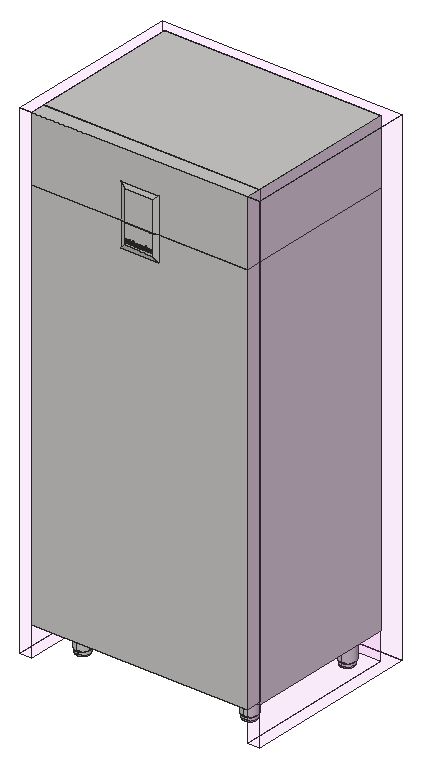
Revit family "QF_ELECTROLUXPROFESSIONAL_691356_PS09F1FHCL", category Specialty Equipment, Revit 2018
Family settings
  Round Connector Dimension = Use Diameter
  Part Type = Normal
  Work Plane-Based = No
  Always vertical = Yes
  Cut with Voids When Loaded = No
  Shared = No
  Room Calculation Point = No
Parameters (values of type "Standard")
  Weight = 26.747 lbm
  Watts = 0 W
  Volts = 220 V
  URL Manufacturer = "http://professional.electrolux.com"
  URL = "http://professional.electrolux.com"
  Steam Supply Size = 0"
  Steam Supply Minimum Pressure = 0.00 psi
  Steam Supply Maximum Pressure = 0.00 psi
  Steam Pounds per Hour = 0
  Show Clearance [instance] = yes
  Refrigeration Suction Line Size = 0"
  Refrigeration Liquid Line Size = 0"
  Refrigerant Compressor Remote = yes
  Phase = 1
  Model = "PS09F1FHCL"
  Manufacturer = "Electrolux Professional"
  Length Actual = 900 mm  # constant formula
  Item Number = "691356"
  Hot Water Size = 0"
  Height Actual = 2112 mm  # constant formula
  HP = "0.6 HP"
  Gas Size = 0"
  Gas KW = 0
  Gas Input Pressure = 0.0 Btu/h
  Direct Waste Size = 0"
  Description = "1-DOOR FREEZER 720LT,-15/-22°,PROSTORE-R290-LEFT"
  Depth Actual = 665 mm  # constant formula
  Cycle = 50 Hz
  Condensate Return Size = 0"
  Compressed Air Volume = 0 GPM
  Compressed Air Size = 0"
  Compressed Air Pressure = 0.00 psi
  Cold Water Size = 0"
  Accessory = yes
Types (2, lengths in mm): name | URL | Phase | Model | Manufacturer | Description
  (no name) | "http://professional.electrolux.com/" | 0 | "RBC201" | "Electrolux" | "BLAST CHILLER 56 KG 20 GN1/1"
  Standard | "http://professional.electrolux.com" | 1 | "PS09F1FHCL" | "Electrolux Professional" | "1-DOOR FREEZER 720LT,-15/-22°,PROSTORE-R290-LEFT"
Values of the unnamed type that differ from the named types
  Volts = 380 V
  URL Manufacturer = "http://professional.electrolux.com/"
  Item Number = "726624"
Reference planes
  plane 1 "BACK": y = 0
  plane 2: z = 0
  plane 3 "LEFT": x = 0
  plane 4 "RIGHT": x = 900
  plane 5 "FRONT": y = -700
  plane 6 "TOP": z = 2040
  plane 7 "Center Y": x = 450
  plane 8 "Center X": y = -350
  plane 9: x = 102
  plane 10: x = 798
  plane 11: z = 115
  plane 12: z = 86
  plane 13: y = -80
  plane 14: y = -694
  plane 15: y = -1527
  plane 16: y = -630
  plane 17: z = 1770
  plane 18: x = -50
  plane 19: y = 50
  plane 20: x = 950
Forms (mm)
  Extrusion 1, solid, material "QF_Metal - Stainless - Polished"
    sketch origin (0, 0, 0) x (1, 0, 0) y (0, 0, 1)
      loop
        line (0, 2040) -> (0, 1770) -> (900, 1770) -> (900, 2040) -> (0, 2040)
    from 0 to 630
  Extrusion 2, solid, material "QF_Metal - Stainless - Polished"
    sketch origin (0, 0, 0) x (1, 0, 0) y (0, 0, 1)
      loop
        line (0, 1770) -> (0, 115) -> (900, 115) -> (900, 1770) -> (0, 1770)
    from 0 to 630
  Extrusion 3, solid, material "QF_Metal - Stainless - Polished"
    sketch origin (-370, 0, -128) x (1, 0, 0) y (0, 0, 1)
      loop
        circle (450, 1847.083) r 20
    from -7.507 to 0
  Extrusion 4, solid, material "QF_Metal - Stainless - Polished"
    sketch origin (0, 130.478, 0) x (1, 0, 0) y (0, 0, 1)
      loop
        line (0, 2040) -> (0, 1770) -> (900, 1770) -> (900, 2040) -> (0, 2040)
    from 760.478 to 824.478
  Extrusion 5, solid, material "QF_Metal - Stainless - Polished"
    sketch origin (0, 140, 0) x (1, 0, 0) y (0, 0, 1)
      loop
        line (0, 1770) -> (0, 127.536) -> (900, 127.536) -> (900, 1770) -> (0, 1770)
    from 834 to 770
  Revolve 6, solid, material "QF_Metal - Stainless - Polished"
    sketch origin (798, -2.833, 0) x (0, 1, 0) y (0, 0, -1)
      loop
        line (-590.954, -115) -> (-553.167, -115) -> (-553.167, 0) -> (-578.757, 0)
        arc (-578.757, 0) -> (-580.973, -2.655) -> (-581.767, -6.021) r 7.527
        line (-581.767, -6.021) -> (-581.767, -17.561) -> (-585.28, -21.074) -> (-585.28, -110.008) -> (-590.954, -110.008) -> (-590.954, -115)
      axis (-553.167, 0) -> (-553.167, -115)
    angle from 0 to 360
  Revolve 7, solid, material "QF_Metal - Stainless - Polished"
    sketch origin (102, -2.833, 0) x (0, 1, 0) y (0, 0, 1)
      loop
        line (-590.954, 115) -> (-590.954, 110.008) -> (-585.28, 110.008) -> (-585.28, 21.074) -> (-581.767, 17.561) -> (-581.767, 6.021)
        arc (-581.767, 6.021) -> (-580.973, 2.655) -> (-578.757, 0) r 7.527
        line (-578.757, 0) -> (-553.167, 0) -> (-553.167, 115) -> (-590.954, 115)
      axis (-553.167, 0) -> (-553.167, 115)
    angle from 0 to 360
  Revolve 8, solid, material "QF_Metal - Stainless - Polished"
    sketch origin (824, -759.167, 0) x (0, -1, 0) y (0, 0, 1)
      loop
        line (-716.954, 115) -> (-716.954, 110.008) -> (-711.28, 110.008) -> (-711.28, 21.074) -> (-707.767, 17.561) -> (-707.767, 6.021)
        arc (-707.767, 6.021) -> (-706.973, 2.655) -> (-704.757, 0) r 7.527
        line (-704.757, 0) -> (-679.167, 0) -> (-679.167, 115) -> (-716.954, 115)
      axis (-679.167, 0) -> (-679.167, 115)
    angle from 0 to 360
  Revolve 9, solid, material "QF_Metal - Stainless - Polished"
    sketch origin (76, -759.167, 0) x (0, -1, 0) y (0, 0, 1)
      loop
        line (-716.954, 115) -> (-716.954, 110.008) -> (-711.28, 110.008) -> (-711.28, 21.074) -> (-707.767, 17.561) -> (-707.767, 6.021)
        arc (-707.767, 6.021) -> (-706.973, 2.655) -> (-704.757, 0) r 7.527
        line (-704.757, 0) -> (-679.167, 0) -> (-679.167, 115) -> (-716.954, 115)
      axis (-679.167, 0) -> (-679.167, 115)
    angle from 0 to 360
  Blend 10, solid, material "QF_Metal - Stainless - Polished"
    base sketch origin (0, -694, 0) x (1, 0, 0) y (0, 0, 1)
      loop
        line (370, 1914.822) -> (370, 1664.822) -> (530, 1664.822) -> (530, 1914.822) -> (370, 1914.822)
    top sketch origin (0, -694, 0) x (1, 0, 0) y (0, 0, 1)
      loop
        line (510, 1894.822) -> (390, 1894.822) -> (390, 1684.822) -> (510, 1684.822) -> (510, 1894.822)
    from 0 to 6
  Extrusion 11, void
    sketch origin (0, -700, 0) x (-1, 0, 0) y (0, 0, 1)
      loop
        line (-370, 1770.997) -> (-530, 1770.997) -> (-530, 1769.003) -> (-370, 1769.003) -> (-370, 1770.997)
    from 0 to 6
  Extrusion 12, solid, material "QF_Door-Drawer Clearances"
    sketch origin (0, 0, 0) x (1, 0, 0) y (0, 1, 0)
      loop
        line (0, -694) -> (0, 0) -> (900, 0) -> (900, -694) -> (950, -694) -> (950, 50) -> (-50, 50) -> (-50, -694) -> (0, -694)
    from 0 to 2040
  Extrusion 13, solid, material "QF_Door-Drawer Clearances", visible <- "Show Clearance", detail levels coarse
    sketch origin (900, 0, 0) x (-1, 0, 0) y (0, -1, 0)
      loop
        line (900, 694) -> (900, 1527)
        arc (900, 1527) -> (275.209, 1299.35) -> (0, 694) r 859.201
        line (0, 694) -> (900, 694)
    from 127.536 to 1770
Cuts and joins
  Extrusion 11 cuts Extrusion 1
  Extrusion 11 cuts Extrusion 2
  Extrusion 11 cuts Extrusion 4
  Extrusion 11 cuts Extrusion 5
  Extrusion 11 cuts Blend 10
Lines and regions (mm)
  Split face 1
    outline origin (0, -700, 0) x (1, 0, 0) y (0, 0, 1)
      loop
        line (415, 1894.822) -> (415, 1742.499) -> (485, 1742.499) -> (485, 1894.822)
  symbolic lines
    curve 1: line (0, 0, 0) -> (900, 0, 0)
    curve 2: line (0, -694, 0) -> (0, 0, 0)
    curve 3: line (900, -694, 0) -> (0, -694, 0)
    curve 4: line (900, 0, 0) -> (900, -694, 0)
    curve 5: line (0, -630, 0) -> (900, -630, 0)
    curve 6: line (370, -694, 0) -> (390, -700, 0)
    curve 7: line (390, -700, 0) -> (510, -700, 0)
    curve 8: line (510, -700, 0) -> (530, -694, 0)
  symbolic lines, style "QF_Door-Drawer Clearances"
    curve 9: arc (0, -1527, 0) -> (624.791, -1299.35, 0) -> (900, -694, 0) r 859.201
    curve 10: line (0, -694, 0) -> (0, -1527, 0)
    curve 11: line (0, -694, 0) -> (-50, -694, 0)
    curve 12: line (-50, -694, 0) -> (-50, 50, 0)
    curve 13: line (-50, 50, 0) -> (950, 50, 0)
    curve 14: line (950, 50, 0) -> (950, -694, 0)
    curve 15: line (950, -694, 0) -> (900, -694, 0)
Dimensions and locks
  equal spacing: plane 3 "LEFT", plane 7 "Center Y", plane 4 "RIGHT"
  plane 3 "LEFT" to plane 4 "RIGHT" = 900 mm
  equal spacing: plane 5 "FRONT", plane 8 "Center X", plane 1 "BACK"
  plane 5 "FRONT" to plane 1 "BACK" = 700 mm
  plane 6 "TOP" to level = 2040 mm
  plane 9 to plane 3 "LEFT" = 102 mm
  plane 10 to plane 4 "RIGHT" = 102 mm
  plane 10 to plane 9 = 696 mm
  plane 11 to level = 115 mm
  plane 12 to plane 11 = 29 mm
  plane 1 "BACK" to plane 13 = 80 mm
  plane 15 to plane 1 "BACK" = 1527 mm
  plane 11 to plane 2 = 115 mm
  plane 1 "BACK" to plane 16 = 630 mm
  plane 18 to plane 3 "LEFT" = 50 mm
  plane 4 "RIGHT" to plane 20 = 50 mm
  plane 1 "BACK" to plane 19 = 50 mm
  aligned and locked: level to plane 2
  aligned and locked: Extrusion 4 to plane 4 "RIGHT"
  aligned and locked: Extrusion 4 to plane 3 "LEFT"
  aligned and locked: plane 5 "FRONT" to Blend 10
Automatic sketch dimensions
  Extrusion 1 sketch curve to plane 3 "LEFT" = 0 mm
  plane 4 "RIGHT" to Extrusion 1 sketch curve = 0 mm
  Extrusion 1 sketch curve to plane 17 = 0 mm
  Extrusion 1 sketch curve to plane 6 "TOP" = 0 mm
  Extrusion 2 sketch curve to plane 3 "LEFT" = 0 mm
  plane 4 "RIGHT" to Extrusion 2 sketch curve = 0 mm
  Extrusion 2 sketch curve to plane 11 = 0 mm
  Extrusion 2 sketch curve to plane 17 = 0 mm
  Extrusion 3 sketch curve to plane 9 = 22 mm
  Extrusion 3 sketch curve to plane 17 = 50.917 mm
  Extrusion 4 sketch curve to plane 3 "LEFT" = 0 mm
  plane 4 "RIGHT" to Extrusion 4 sketch curve = 0 mm
  Extrusion 4 sketch curve to plane 17 = 0 mm
  Extrusion 4 sketch curve to plane 6 "TOP" = 0 mm
  Extrusion 5 sketch curve to plane 3 "LEFT" = 0 mm
  plane 4 "RIGHT" to Extrusion 5 sketch curve = 0 mm
  Extrusion 5 sketch curve to plane 17 = 0 mm
  plane 11 to Extrusion 5 sketch curve = 12.536 mm
  plane 11 to Revolve 6 sketch curve = 0 mm
  Revolve 6 sketch curve to level = 0 mm
  plane 16 to Revolve 6 sketch curve = 36.213 mm
  Revolve 6 sketch curve to Revolve 6 sketch curve = 5.674 mm
  Revolve 6 sketch curve to Revolve 6 sketch curve = 3.513 mm  (x2)
  Revolve 6 sketch curve to Revolve 6 sketch curve = 3.01 mm
  level to Revolve 6 sketch curve = 6.021 mm
  Revolve 6 sketch curve to Revolve 6 sketch curve = 21.073 mm
  Revolve 6 sketch curve to plane 11 = 4.992 mm  (x2)
  Revolve 6 sketch curve to Revolve 6 sketch curve = 15.053 mm
  Revolve 6 sketch curve to Revolve 6 sketch curve = 0 mm
  Revolve 6 sketch curve to Revolve 6 sketch curve = 20.008 mm
  Revolve 7 sketch curve to plane 11 = 0 mm
  Revolve 7 sketch curve to level = 0 mm
  plane 16 to Revolve 7 sketch curve = 36.213 mm
  Revolve 7 sketch curve to Revolve 7 sketch curve = 5.674 mm
  Revolve 7 sketch curve to Revolve 7 sketch curve = 3.513 mm  (x2)
  Revolve 7 sketch curve to Revolve 7 sketch curve = 3.01 mm
  level to Revolve 7 sketch curve = 6.021 mm
  Revolve 7 sketch curve to Revolve 7 sketch curve = 21.073 mm
  Revolve 7 sketch curve to Revolve 7 sketch curve = 11.54 mm
  Revolve 7 sketch curve to plane 11 = 4.992 mm
  Revolve 7 sketch curve to Revolve 7 sketch curve = 0 mm
  Revolve 7 sketch curve to Revolve 7 sketch curve = 4.992 mm
  plane 11 to Revolve 7 sketch curve = 20.008 mm
  Revolve 8 sketch curve to plane 11 = 0 mm
  Revolve 8 sketch curve to level = 0 mm
  Revolve 8 sketch curve to plane 13 = 0 mm  (x2)
  level to Revolve 8 sketch curve = 6.021 mm
  Revolve 8 sketch curve to plane 13 = 21.073 mm
  Revolve 8 sketch curve to Revolve 8 sketch curve = 4.517 mm
  Revolve 8 sketch curve to Revolve 8 sketch curve = 3.513 mm  (x2)
  Revolve 8 sketch curve to Revolve 8 sketch curve = 5.674 mm
  Revolve 8 sketch curve to Revolve 8 sketch curve = 11.54 mm
  Revolve 8 sketch curve to plane 11 = 4.992 mm
  Revolve 8 sketch curve to Revolve 8 sketch curve = 4.992 mm
  plane 11 to Revolve 8 sketch curve = 20.008 mm
  Revolve 9 sketch curve to plane 11 = 0 mm
  Revolve 9 sketch curve to level = 0 mm
  Revolve 9 sketch curve to plane 13 = 0 mm  (x2)
  Revolve 9 sketch curve to level = 6.021 mm
  plane 13 to Revolve 9 sketch curve = 21.073 mm
  Revolve 9 sketch curve to Revolve 9 sketch curve = 4.517 mm
  Revolve 9 sketch curve to Revolve 9 sketch curve = 3.513 mm  (x2)
  Revolve 9 sketch curve to Revolve 9 sketch curve = 5.674 mm
  Revolve 9 sketch curve to Revolve 9 sketch curve = 11.54 mm
  plane 11 to Revolve 9 sketch curve = 4.992 mm  (x2)
  Revolve 9 sketch curve to Revolve 9 sketch curve = 20.008 mm
  Blend 10 sketch curve to Extrusion 5 = 105.178 mm
  Blend 10 sketch curve to Extrusion 5 = 370 mm
  Blend 10 sketch curve to Blend 10 sketch curve = 160 mm
  Extrusion 5 to Blend 10 sketch curve = 144.822 mm
  Extrusion 5 to Blend 10 sketch curve = 124.822 mm
  Blend 10 sketch curve to Extrusion 5 = 390 mm
  Blend 10 sketch curve to Blend 10 sketch curve = 120 mm
  Blend 10 sketch curve to Extrusion 5 = 85.178 mm
  Split face 1 sketch curve to Blend 10 = 0 mm  (x2)
  Split face 1 sketch curve to Blend 10 = 25 mm  (x2)
  Split face 1 sketch curve to Blend 10 = 57.677 mm
  Extrusion 11 sketch curve to Blend 10 = 20 mm  (x2)
  Blend 10 to Extrusion 11 sketch curve = 84.181 mm
  Extrusion 11 sketch curve to Extrusion 11 sketch curve = 1.995 mm
  plane 14 to Extrusion 12 sketch curve = 0 mm  (x2)
  Extrusion 12 sketch curve to plane 18 = 0 mm
  Extrusion 12 sketch curve to plane 3 "LEFT" = 0 mm
  Extrusion 12 sketch curve to plane 4 "RIGHT" = 0 mm
  Extrusion 12 sketch curve to plane 19 = 0 mm
  Extrusion 12 sketch curve to plane 20 = 0 mm
  plane 1 "BACK" to Extrusion 12 sketch curve = 0 mm
  Extrusion 13 sketch curve to plane 4 "RIGHT" = 0 mm
  Extrusion 13 sketch curve to plane 3 "LEFT" = 0 mm
  plane 14 to Extrusion 13 sketch curve = 0 mm
  Extrusion 13 sketch curve to plane 15 = 0 mm
  Extrusion 13 sketch curve to plane 14 = 25.214 mm
  curve 13 to plane 18 = 0 mm
  curve 3 to plane 3 "LEFT" = 0 mm
  plane 5 "FRONT" to curve 7 = 0 mm
  curve 15 to plane 4 "RIGHT" = 0 mm
  curve 14 to plane 20 = 0 mm
  plane 14 to curve 15 = 0 mm
  curve 9 to plane 15 = 0 mm
  curve 5 to plane 16 = 0 mm
  plane 1 "BACK" to curve 4 = 0 mm
  curve 13 to plane 19 = 0 mm
  curve 9 to plane 14 = 25.214 mm
  curve 7 to plane 7 "Center Y" = 60 mm
  plane 7 "Center Y" to curve 8 = 60 mm
  curve 6 to curve 6 = 20 mm
  curve 7 to curve 8 = 20 mm
  radius of Extrusion 3 sketch curve = 20 mm
Nested families
  nested 1: "ELX_Logo_S" at (450.625, -700, 1704.375) x (1, 0, 0) z (0, -1, 0), type "ELX_Logo_S"
Connectors
  electrical at (80, 7.507, 1719.083), driven by "Volts"
    settings: on Extrusion 3, index 2, voltage 220 V, apparent load 0 VA, apparent load phase1 0 VA, apparent load phase2 0 VA, apparent load phase3 0 VA, power factor 1, load classification "Other", number of poles 1, system type 30, power factor state 1, is connector primary yes, connector utility no, sub classification motor no, connector description "Electrical Connection"
Definition of nested family "ELX_Logo_S"
  Parameters (values of type "ELX_Logo_S")
    Default Elevation = 0 mm
  Reference planes
    plane 1 "Centro (Fronte/Retro)": y = 0
    plane 2: z = 0
    plane 3 "Centro (Sinistra/Destra)": x = 0
  Forms (mm)
    Extrusion 1, solid
      sketch origin (0, 0, 0) x (1, 0, 0) y (0, 1, 0)
        loop
          line (-1219.2, 1219.2) -> (-1219.2, -1219.2) -> (1219.2, -1219.2) -> (1219.2, 1219.2) -> (-1219.2, 1219.2)
      from 0 to -304.8
    Extrusion 2, solid
      sketch origin (0, 0, 0) x (1, 0, 0) y (0, 1, 0)
        loop
          line (-43.793, 5.912) -> (-43.793, -6.455)
          arc (-43.793, -6.455) -> (-39.222, -0.272) -> (-43.793, 5.912) r 6.467
        loop
          arc (-44.422, 5.912) -> (-49.565, 4.743) -> (-52.043, 0.087) r 6.338
          line (-52.043, 0.087) -> (-49.997, 0.087)
          arc (-49.997, 0.087) -> (-46.342, 1.57) -> (-44.422, 5.016) r 5.941
          line (-44.422, 5.016) -> (-44.422, 5.912)
        loop
          arc (-44.422, -5.559) -> (-46.342, -2.114) -> (-49.997, -0.63) r 5.941
          line (-49.997, -0.63) -> (-52.043, -0.63)
          arc (-52.043, -0.63) -> (-49.569, -5.324) -> (-44.422, -6.614) r 6.504
          line (-44.422, -6.614) -> (-44.422, -5.559)
        loop
          line (-52.512, 6.586) -> (-52.512, -7.158) -> (-38.749, -7.158) -> (-38.749, 6.586) -> (-52.512, 6.586)
        loop
          arc (-35.782, 6.67) -> (-36.139, 6.322) -> (-35.801, 5.955) r 0.358
          arc (-35.801, 5.955) -> (-35.051, 5.641) -> (-34.666, 4.924) r 1.216
          line (-34.666, 4.924) -> (-34.666, -5.488)
          arc (-34.666, -5.488) -> (-34.944, -6.148) -> (-35.54, -6.544) r 1.238
          arc (-35.54, -6.544) -> (-35.791, -6.939) -> (-35.437, -7.244) r 0.358
          line (-35.437, -7.244) -> (-25.558, -7.244) -> (-25.558, -4.494) -> (-26.455, -4.494)
          arc (-26.455, -4.494) -> (-27.035, -5.403) -> (-28.012, -5.858) r 1.928
          line (-28.012, -5.858) -> (-30.511, -5.858)
          arc (-30.511, -5.858) -> (-31.24, -5.583) -> (-31.604, -4.894) r 1.101
          line (-31.604, -4.894) -> (-31.604, -0.808) -> (-27.931, -0.808)
          arc (-27.931, -0.808) -> (-27.434, -1.16) -> (-27.206, -1.725) r 1.083
          arc (-27.206, -1.725) -> (-26.9, -1.989) -> (-26.622, -1.697) r 0.292
          line (-26.622, -1.697) -> (-26.622, 1.265)
          arc (-26.622, 1.265) -> (-26.895, 1.568) -> (-27.225, 1.329) r 0.305
          arc (-27.225, 1.329) -> (-27.473, 0.839) -> (-27.931, 0.534) r 1.083
          line (-27.931, 0.534) -> (-31.604, 0.534) -> (-31.604, 5.211) -> (-27.857, 5.211)
          arc (-27.857, 5.211) -> (-27.101, 4.997) -> (-26.603, 4.39) r 1.314
          arc (-26.603, 4.39) -> (-26.199, 4.171) -> (-25.907, 4.526) r 0.361
          line (-25.907, 4.526) -> (-25.907, 6.67) -> (-35.782, 6.67)
        loop
          arc (-25.126, 5.953) -> (-24.207, 5.572) -> (-23.827, 4.654) r 1.299
          line (-23.827, 4.654) -> (-23.827, -4.925)
          arc (-23.827, -4.925) -> (-24.205, -5.763) -> (-25.083, -6.035) r 1.118
          line (-25.083, -6.035) -> (-25.083, -7.244) -> (-19.733, -7.244) -> (-19.733, -6.056)
          arc (-19.733, -6.056) -> (-20.65, -5.784) -> (-21.046, -4.914) r 1.153
          line (-21.046, -4.914) -> (-21.046, 7.158) -> (-25.126, 5.953)
        loop
          line (-17.097, -2.28) -> (-10.65, -2.28) -> (-10.65, -1.481)
          arc (-10.65, -1.481) -> (-11.634, 1.1) -> (-14.088, 2.369) r 3.874
          line (-14.088, 2.369) -> (-15.848, 2.369)
          arc (-15.848, 2.369) -> (-18.713, 1.182) -> (-19.899, -1.682) r 4.051
          line (-19.899, -1.682) -> (-19.899, -3.691)
          arc (-19.899, -3.691) -> (-18.414, -6.509) -> (-15.407, -7.561) r 4.352
          arc (-15.407, -7.561) -> (-12.944, -7.196) -> (-10.87, -5.819) r 5.713
          line (-10.87, -5.819) -> (-10.87, -4.87)
          arc (-10.87, -4.87) -> (-12.439, -5.603) -> (-14.157, -5.819) r 5.579
          arc (-14.157, -5.819) -> (-16.12, -5.025) -> (-17.097, -3.146) r 3.057
          line (-17.097, -3.146) -> (-17.097, -2.28)
        loop
          line (-17.097, -1.02) -> (-13.515, -1.02)
          arc (-13.515, -1.02) -> (-13.468, 0.436) -> (-14.627, 1.319) r 1.59
          line (-14.627, 1.319) -> (-15.457, 1.319)
          arc (-15.457, 1.319) -> (-16.712, 0.455) -> (-17.097, -1.02) r 2.184
        loop
          arc (-1.232, 1.771) -> (-2.906, 2.259) -> (-4.643, 2.417) r 9.023
          line (-4.643, 2.417) -> (-6.005, 2.417)
          arc (-6.005, 2.417) -> (-8.805, 1.257) -> (-9.965, -1.542) r 3.959
          line (-9.965, -1.542) -> (-9.965, -4.142)
          arc (-9.965, -4.142) -> (-8.672, -6.424) -> (-6.299, -7.541) r 4.331
          line (-6.299, -7.541) -> (-4.164, -7.541)
          arc (-4.164, -7.541) -> (-2.614, -7.033) -> (-1.268, -6.112) r 5.772
          arc (-1.268, -6.112) -> (-1.217, -5.35) -> (-1.976, -5.263) r 0.553
          arc (-1.976, -5.263) -> (-2.71, -5.651) -> (-3.529, -5.785) r 2.573
          line (-3.529, -5.785) -> (-5.044, -5.785)
          arc (-5.044, -5.785) -> (-6.686, -4.779) -> (-7.328, -2.965) r 2.884
          line (-7.328, -2.965) -> (-7.328, -1.686)
          arc (-7.328, -1.686) -> (-6.768, 0.135) -> (-5.103, 1.062) r 2.554
          line (-5.103, 1.062) -> (-4.05, 1.062)
          arc (-4.05, 1.062) -> (-3.122, 0.73) -> (-2.387, 0.073) r 2.564
          arc (-2.387, 0.073) -> (-1.67, -0.148) -> (-1.232, 0.461) r 0.643
          line (-1.232, 0.461) -> (-1.232, 1.771)
        loop
          line (-0.962, 0.752) -> (0.539, 0.752) -> (0.539, -5.296)
          arc (0.539, -5.296) -> (1.197, -6.884) -> (2.785, -7.541) r 2.246
          line (2.785, -7.541) -> (4.369, -7.541)
          arc (4.369, -7.541) -> (5.233, -7.228) -> (6.005, -6.727) r 4.06
          arc (6.005, -6.727) -> (6.138, -5.995) -> (5.437, -5.743) r 0.576
          arc (5.437, -5.743) -> (4.911, -5.849) -> (4.379, -5.785) r 1.69
          arc (4.379, -5.785) -> (3.591, -5.244) -> (3.288, -4.337) r 1.506
          line (3.288, -4.337) -> (3.288, 0.801) -> (5.685, 0.801) -> (6.241, 1.357) -> (6.241, 2.179) -> (3.382, 2.179) -> (3.382, 5.41) -> (-0.962, 0.752)
        loop
          line (7.139, -7.324) -> (12.526, -7.324) -> (12.526, -6.214)
          arc (12.526, -6.214) -> (11.575, -5.82) -> (11.181, -4.869) r 1.345
          line (11.181, -4.869) -> (11.181, -1.253)
          arc (11.181, -1.253) -> (11.773, -0.488) -> (12.695, -0.199) r 1.615
          line (12.695, -0.199) -> (14.251, -0.199) -> (14.936, 2.357) -> (13.553, 2.357) -> (10.994, 0.414) -> (10.994, 2.295) -> (8.288, 2.01)
          arc (8.288, 2.01) -> (7.758, 1.571) -> (7.959, 0.912) r 0.621
          arc (7.959, 0.912) -> (8.301, 0.512) -> (8.484, 0.018) r 1.501
          line (8.484, 0.018) -> (8.484, -4.869)
          arc (8.484, -4.869) -> (8.09, -5.82) -> (7.139, -6.214) r 1.345
          line (7.139, -6.214) -> (7.139, -7.324)
        loop
          line (14.473, -1.222) -> (14.473, -3.914)
          arc (14.473, -3.914) -> (15.781, -6.36) -> (18.311, -7.494) r 4.288
          arc (18.311, -7.494) -> (19.692, -7.557) -> (21.072, -7.494) r 15.022
          arc (21.072, -7.494) -> (23.603, -6.36) -> (24.91, -3.914) r 4.288
          line (24.91, -3.914) -> (24.91, -1.222)
          arc (24.91, -1.222) -> (23.603, 1.223) -> (21.072, 2.357) r 4.288
          arc (21.072, 2.357) -> (19.692, 2.421) -> (18.311, 2.357) r 15.022
          arc (18.311, 2.357) -> (15.781, 1.223) -> (14.473, -1.222) r 4.288
        loop
          line (17.587, -1.017) -> (17.587, -4.119)
          arc (17.587, -4.119) -> (19.744, -6.276) -> (21.901, -4.119) r 2.157
          line (21.901, -4.119) -> (21.901, -1.017)
          arc (21.901, -1.017) -> (19.744, 1.14) -> (17.587, -1.017) r 2.157
        loop
          arc (24.768, 5.964) -> (25.662, 5.593) -> (26.033, 4.699) r 1.264
          line (26.033, 4.699) -> (26.033, -5.165)
          arc (26.033, -5.165) -> (25.636, -6.035) -> (24.72, -6.307) r 1.153
          line (24.72, -6.307) -> (24.72, -7.244) -> (29.828, -7.244) -> (29.828, -6.316)
          arc (29.828, -6.316) -> (29.056, -5.957) -> (28.741, -5.165) r 1.153
          line (28.741, -5.165) -> (28.741, 7.158) -> (24.768, 5.964)
        loop
          arc (29.365, 1.084) -> (30.43, 0.885) -> (30.912, -0.085) r 1.215
          line (30.912, -0.085) -> (30.912, -5.105)
          arc (30.912, -5.105) -> (31.559, -6.719) -> (33.142, -7.44) r 2.338
          line (33.142, -7.44) -> (34.657, -7.44)
          arc (34.657, -7.44) -> (35.661, -7.266) -> (36.547, -6.763) r 2.979
          line (36.547, -6.763) -> (38.344, -7.244) -> (40.032, -7.244) -> (40.032, 2.181) -> (35.829, 1.887) -> (35.829, 1.101)
          arc (35.829, 1.101) -> (36.665, 0.745) -> (37.174, -0.007) r 1.605
          line (37.174, -0.007) -> (37.174, -5.11)
          arc (37.174, -5.11) -> (36.237, -5.531) -> (35.213, -5.603) r 2.94
          arc (35.213, -5.603) -> (34.112, -5.042) -> (33.669, -3.889) r 1.724
          line (33.669, -3.889) -> (33.669, 2.307) -> (29.365, 1.084)
        loop
          line (40.886, 2.112) -> (42.932, 0.44) -> (45.238, -2.734) -> (42.126, -6.191)
          arc (42.126, -6.191) -> (41.732, -6.428) -> (41.273, -6.405) r 0.789
          line (41.273, -6.405) -> (41.273, -7.244) -> (44.818, -7.244) -> (44.818, -6.418)
          arc (44.818, -6.418) -> (44.456, -6.076) -> (44.548, -5.586) r 0.52
          line (44.548, -5.586) -> (46.019, -3.786) -> (47.394, -5.904)
          arc (47.394, -5.904) -> (47.084, -6.305) -> (46.585, -6.392) r 0.7
          line (46.585, -6.392) -> (46.585, -7.244) -> (52.512, -7.244) -> (52.512, -6.358)
          arc (52.512, -6.358) -> (51.853, -6.291) -> (51.322, -5.896) r 1.247
          line (51.322, -5.896) -> (48.041, -1.696) -> (50.094, 0.751) -> (51.836, 2.112) -> (48.112, 2.112) -> (48.535, 0.627) -> (47.258, -0.895) -> (46.068, 0.806) -> (46.844, 2.112) -> (40.886, 2.112)
      from 0 to 1.644
  Dimensions and locks
    aligned and locked: plane 2 to Extrusion 1
    aligned and locked: level to Extrusion 1
